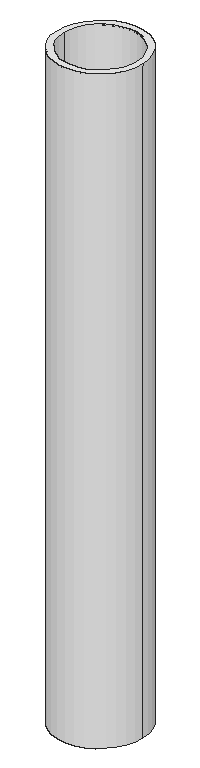
Revit family "CCV - Cortes circulares vazados - Coluna (MSH)", category Pilares estruturais, Revit 2019
Family settings
  Forma do corte = Não definido
  Material para o comportamento do modelo = Aço
  Exportar sempre como geometria = Não
  Redução da viga na planta = Da geometria
  Corte com vazios quando carregada = Não
  Representação simbólica = Das configurações de projeto
  Compartilhado = Não
  Exibir o pré-corte da família na vista da planta = Sim
Parameters (values of type "CHS 355.6x25.4")
  t = 25.4 mm
  r2 = d0 / 2 - t  # 152.4 mm
  r1 = d0 / 2  # 177.8 mm
  d0 = 355.6 mm
  W = 0.207
  Structural Material [instance] = Metal - Aço - 250 MPa
  A = 0.0263 m²
Reference planes
  plane 1 "Centro (Frente/Trás)": y = 0
  plane 2: z = 0
  plane 3 "Centro (Esquerda/Direita)": x = 0
  plane 4 "Esquerda": x = -177.8
  plane 5 "Direita": x = 177.8
  plane 6 "Parte posterior": y = 177.8
  plane 7 "Parte frontal": y = -177.8
Forms (mm)
  Extrusion 1, solid, material "Metal - Aço - 250 MPa" <- "Structural Material", detail levels medium+fine
    sketch origin (0, 0, 0) x (1, 0, 0) y (0, 1, 0)
      loop
        circle (0, 0) r 177.8
      loop
        circle (0, 0) r 152.4
    from 0 to 2500
Lines and regions (mm)
  symbolic lines, style "StructuralColumnStickSymbols", detail levels coarse
    curve 1: arc (-177.8, 0, 0) -> (0, 177.8, 0) -> (177.8, 0, 0) r 177.8
    curve 2: arc (-177.8, 0, 0) -> (0, -177.8, 0) -> (177.8, 0, 0) r 177.8
Dimensions and locks
  equal spacing: plane 4 "Esquerda", plane 3 "Centro (Esquerda/Direita)", plane 5 "Direita"
  equal spacing: plane 7 "Parte frontal", plane 1 "Centro (Frente/Trás)", plane 6 "Parte posterior"
  "d0": plane 4 "Esquerda" to plane 5 "Direita"
  "d0": plane 7 "Parte frontal" to plane 6 "Parte posterior"
  "r1": radius of Extrusion 1 sketch curve
  "r1": radius of curve 1
  "r2": radius of Extrusion 1 sketch curve
  aligned and locked: level to plane 2
  aligned and locked: plane 1 "Centro (Frente/Trás)" to Extrusion 1 sketch curve  (x2)
  aligned and locked: plane 3 "Centro (Esquerda/Direita)" to Extrusion 1 sketch curve  (x2)
  aligned and locked: level to Extrusion 1
  aligned and locked: Extrusion 1 to level
  aligned and locked: plane 1 "Centro (Frente/Trás)" to curve 1
  aligned and locked: plane 3 "Centro (Esquerda/Direita)" to curve 1
Types in the file's own list only (292): name | t | r2 | r1 | d0 | W | A
  CHS 21.3x2.3 | 2 mm | 8 mm | 11 mm | 21 mm | 0.00108 | 0.00 m²
  CHS 21.3x2.6 | 3 mm | 8 mm | 11 mm | 21 mm | 0.0012 | 0.00 m²
  CHS 21.3x2.9 | 3 mm | 8 mm | 11 mm | 21 mm | 0.00132 | 0.00 m²
  CHS 21.3x3.2 | 3 mm | 7 mm | 11 mm | 21 mm | 0.00143 | 0.00 m²
  CHS 21.3x3.6 | 4 mm | 7 mm | 11 mm | 21 mm | 0.00157 | 0.00 m²
  CHS 21.3x4.0 | 4 mm | 7 mm | 11 mm | 21 mm | 0.00171 | 0.00 m²
  CHS 21.3x4.5 | 5 mm | 6 mm | 11 mm | 21 mm | 0.00186 | 0.00 m²
  CHS 21.3x5.0 | 5 mm | 6 mm | 11 mm | 21 mm | 0.00201 | 0.00 m²
  CHS 33.7x2.9 | 3 mm | 14 mm | 17 mm | 34 mm | 0.0022 | 0.00 m²
  CHS 33.7x3.2 | 3 mm | 14 mm | 17 mm | 34 mm | 0.00241 | 0.00 m²
  CHS 33.7x3.6 | 4 mm | 13 mm | 17 mm | 34 mm | 0.00267 | 0.00 m²
  CHS 33.7x4.0 | 4 mm | 13 mm | 17 mm | 34 mm | 0.00293 | 0.00 m²
  CHS 33.7x4.5 | 5 mm | 12 mm | 17 mm | 34 mm | 0.00324 | 0.00 m²
  CHS 33.7x5.0 | 5 mm | 12 mm | 17 mm | 34 mm | 0.00354 | 0.00 m²
  CHS 33.7x5.6 | 6 mm | 11 mm | 17 mm | 34 mm | 0.00388 | 0.00 m²
  CHS 33.7x6.3 | 6 mm | 11 mm | 17 mm | 34 mm | 0.00426 | 0.00 m²
  CHS 33.7x7.1 | 7 mm | 10 mm | 17 mm | 34 mm | 0.00466 | 0.00 m²
  CHS 33.7x8.0 | 8 mm | 9 mm | 17 mm | 34 mm | 0.00507 | 0.00 m²
  CHS 42.4x2.9 | 3 mm | 18 mm | 21 mm | 42 mm | 0.00282 | 0.00 m²
  CHS 42.4x3.2 | 3 mm | 18 mm | 21 mm | 42 mm | 0.00309 | 0.00 m²
  CHS 42.4x3.6 | 4 mm | 18 mm | 21 mm | 42 mm | 0.00344 | 0.00 m²
  CHS 42.4x4.0 | 4 mm | 17 mm | 21 mm | 42 mm | 0.00379 | 0.00 m²
  CHS 42.4x4.5 | 5 mm | 17 mm | 21 mm | 42 mm | 0.00421 | 0.00 m²
  CHS 42.4x5.0 | 5 mm | 16 mm | 21 mm | 42 mm | 0.00461 | 0.00 m²
  CHS 42.4x5.6 | 6 mm | 16 mm | 21 mm | 42 mm | 0.00508 | 0.00 m²
  CHS 42.4x6.3 | 6 mm | 15 mm | 21 mm | 42 mm | 0.00561 | 0.00 m²
  CHS 42.4x7.1 | 7 mm | 14 mm | 21 mm | 42 mm | 0.00618 | 0.00 m²
  CHS 42.4x8.0 | 8 mm | 13 mm | 21 mm | 42 mm | 0.00679 | 0.00 m²
  CHS 42.4x8.8 | 9 mm | 12 mm | 21 mm | 42 mm | 0.00729 | 0.00 m²
  CHS 42.4x10.0 | 10 mm | 11 mm | 21 mm | 42 mm | 0.00799 | 0.00 m²
  CHS 48.3x2.9 | 3 mm | 21 mm | 24 mm | 48 mm | 0.00325 | 0.00 m²
  CHS 48.3x3.2 | 3 mm | 21 mm | 24 mm | 48 mm | 0.00356 | 0.00 m²
  CHS 48.3x3.6 | 4 mm | 21 mm | 24 mm | 48 mm | 0.00397 | 0.00 m²
  CHS 48.3x4.0 | 4 mm | 20 mm | 24 mm | 48 mm | 0.00437 | 0.00 m²
  CHS 48.3x4.5 | 5 mm | 20 mm | 24 mm | 48 mm | 0.00486 | 0.00 m²
  CHS 48.3x5.0 | 5 mm | 19 mm | 24 mm | 48 mm | 0.00534 | 0.00 m²
  CHS 48.3x5.6 | 6 mm | 19 mm | 24 mm | 48 mm | 0.0059 | 0.00 m²
  CHS 48.3x6.3 | 6 mm | 18 mm | 24 mm | 48 mm | 0.00653 | 0.00 m²
  CHS 48.3x7.1 | 7 mm | 17 mm | 24 mm | 48 mm | 0.00721 | 0.00 m²
  CHS 48.3x8.0 | 8 mm | 16 mm | 24 mm | 48 mm | 0.00795 | 0.00 m²
  CHS 48.3x8.8 | 9 mm | 15 mm | 24 mm | 48 mm | 0.00857 | 0.00 m²
  CHS 48.3x10.0 | 10 mm | 14 mm | 24 mm | 48 mm | 0.00945 | 0.00 m²
  CHS 48.3x12.5 | 13 mm | 12 mm | 24 mm | 48 mm | 0.011 | 0.00 m²
  CHS 60.3x3.2 | 3 mm | 27 mm | 30 mm | 60 mm | 0.00451 | 0.00 m²
  CHS 60.3x3.6 | 4 mm | 27 mm | 30 mm | 60 mm | 0.00503 | 0.00 m²
  CHS 60.3x4.0 | 4 mm | 26 mm | 30 mm | 60 mm | 0.00555 | 0.00 m²
  CHS 60.3x4.5 | 5 mm | 26 mm | 30 mm | 60 mm | 0.00619 | 0.00 m²
  CHS 60.3x5.0 | 5 mm | 25 mm | 30 mm | 60 mm | 0.00682 | 0.00 m²
  CHS 60.3x5.6 | 6 mm | 25 mm | 30 mm | 60 mm | 0.00755 | 0.00 m²
  CHS 60.3x6.3 | 6 mm | 24 mm | 30 mm | 60 mm | 0.00839 | 0.00 m²
  CHS 60.3x7.1 | 7 mm | 23 mm | 30 mm | 60 mm | 0.00932 | 0.00 m²
  CHS 60.3x8.0 | 8 mm | 22 mm | 30 mm | 60 mm | 0.0103 | 0.00 m²
  CHS 60.3x8.8 | 9 mm | 21 mm | 30 mm | 60 mm | 0.0112 | 0.00 m²
  CHS 60.3x10.0 | 10 mm | 20 mm | 30 mm | 60 mm | 0.0124 | 0.00 m²
  CHS 60.3x12.5 | 13 mm | 18 mm | 30 mm | 60 mm | 0.0147 | 0.00 m²
  CHS 60.3x16.0 | 16 mm | 14 mm | 30 mm | 60 mm | 0.0175 | 0.00 m²
  CHS 76.1x3.2 | 3 mm | 35 mm | 38 mm | 76 mm | 0.00575 | 0.00 m²
  CHS 76.1x3.6 | 4 mm | 34 mm | 38 mm | 76 mm | 0.00644 | 0.00 m²
  CHS 76.1x4.0 | 4 mm | 34 mm | 38 mm | 76 mm | 0.00711 | 0.00 m²
  CHS 76.1x4.5 | 5 mm | 34 mm | 38 mm | 76 mm | 0.00795 | 0.00 m²
  CHS 76.1x5.0 | 5 mm | 33 mm | 38 mm | 76 mm | 0.00877 | 0.00 m²
  CHS 76.1x5.6 | 6 mm | 32 mm | 38 mm | 76 mm | 0.00974 | 0.00 m²
  CHS 76.1x6.3 | 6 mm | 32 mm | 38 mm | 76 mm | 0.0108 | 0.00 m²
  CHS 76.1x7.1 | 7 mm | 31 mm | 38 mm | 76 mm | 0.0121 | 0.00 m²
  CHS 76.1x8.0 | 8 mm | 30 mm | 38 mm | 76 mm | 0.0134 | 0.00 m²
  CHS 76.1x8.8 | 9 mm | 29 mm | 38 mm | 76 mm | 0.0146 | 0.00 m²
  CHS 76.1x10.0 | 10 mm | 28 mm | 38 mm | 76 mm | 0.0163 | 0.00 m²
  CHS 76.1x12.5 | 13 mm | 26 mm | 38 mm | 76 mm | 0.0196 | 0.00 m²
  CHS 76.1x16.0 | 16 mm | 22 mm | 38 mm | 76 mm | 0.0237 | 0.00 m²
  CHS 76.1x20.0 | 20 mm | 18 mm | 38 mm | 76 mm | 0.0277 | 0.00 m²
  CHS 88.9x3.6 | 4 mm | 41 mm | 44 mm | 89 mm | 0.00751 | 0.00 m²
  CHS 88.9x4.0 | 4 mm | 40 mm | 44 mm | 89 mm | 0.00838 | 0.00 m²
  CHS 88.9x4.5 | 5 mm | 40 mm | 44 mm | 89 mm | 0.00937 | 0.00 m²
  CHS 88.9x5.0 | 5 mm | 39 mm | 44 mm | 89 mm | 0.0103 | 0.00 m²
  CHS 88.9x5.6 | 6 mm | 39 mm | 44 mm | 89 mm | 0.0115 | 0.00 m²
  CHS 88.9x6.3 | 6 mm | 38 mm | 44 mm | 89 mm | 0.0128 | 0.00 m²
  CHS 88.9x7.1 | 7 mm | 37 mm | 44 mm | 89 mm | 0.0143 | 0.00 m²
  CHS 88.9x8.0 | 8 mm | 36 mm | 44 mm | 89 mm | 0.016 | 0.00 m²
  CHS 88.9x8.8 | 9 mm | 36 mm | 44 mm | 89 mm | 0.0174 | 0.00 m²
  CHS 88.9x10.0 | 10 mm | 34 mm | 44 mm | 89 mm | 0.0195 | 0.00 m²
  CHS 88.9x12.5 | 13 mm | 32 mm | 44 mm | 89 mm | 0.0236 | 0.00 m²
  CHS 88.9x16.0 | 16 mm | 28 mm | 44 mm | 89 mm | 0.0288 | 0.00 m²
  CHS 88.9x20.0 | 20 mm | 24 mm | 44 mm | 89 mm | 0.034 | 0.00 m²
  CHS 101.6x4.0 | 4 mm | 47 mm | 51 mm | 102 mm | 0.00963 | 0.00 m²
  CHS 101.6x4.5 | 5 mm | 46 mm | 51 mm | 102 mm | 0.0108 | 0.00 m²
  CHS 101.6x5.0 | 5 mm | 46 mm | 51 mm | 102 mm | 0.0119 | 0.00 m²
  CHS 101.6x5.6 | 6 mm | 45 mm | 51 mm | 102 mm | 0.0133 | 0.00 m²
  CHS 101.6x6.3 | 6 mm | 45 mm | 51 mm | 102 mm | 0.0148 | 0.00 m²
  CHS 101.6x7.1 | 7 mm | 44 mm | 51 mm | 102 mm | 0.0165 | 0.00 m²
  CHS 101.6x8.0 | 8 mm | 43 mm | 51 mm | 102 mm | 0.0185 | 0.00 m²
  CHS 101.6x8.8 | 9 mm | 42 mm | 51 mm | 102 mm | 0.0201 | 0.00 m²
  CHS 101.6x10.0 | 10 mm | 41 mm | 51 mm | 102 mm | 0.0226 | 0.00 m²
  CHS 101.6x12.5 | 13 mm | 38 mm | 51 mm | 102 mm | 0.0275 | 0.00 m²
  CHS 101.6x16.0 | 16 mm | 35 mm | 51 mm | 102 mm | 0.0338 | 0.00 m²
  CHS 101.6x20.0 | 20 mm | 31 mm | 51 mm | 102 mm | 0.0402 | 0.01 m²
  CHS 101.6x30.0 | 30 mm | 21 mm | 51 mm | 102 mm | 0.053 | 0.01 m²
  CHS 114.3x4.0 | 4 mm | 53 mm | 57 mm | 114 mm | 0.0109 | 0.00 m²
  CHS 114.3x4.5 | 5 mm | 53 mm | 57 mm | 114 mm | 0.0122 | 0.00 m²
  CHS 114.3x5.0 | 5 mm | 52 mm | 57 mm | 114 mm | 0.0135 | 0.00 m²
  CHS 114.3x5.6 | 6 mm | 52 mm | 57 mm | 114 mm | 0.015 | 0.00 m²
  CHS 114.3x6.3 | 6 mm | 51 mm | 57 mm | 114 mm | 0.0168 | 0.00 m²
  CHS 114.3x7.1 | 7 mm | 50 mm | 57 mm | 114 mm | 0.0188 | 0.00 m²
  CHS 114.3x8.0 | 8 mm | 49 mm | 57 mm | 114 mm | 0.021 | 0.00 m²
  CHS 114.3x8.8 | 9 mm | 48 mm | 57 mm | 114 mm | 0.0229 | 0.00 m²
  CHS 114.3x10.0 | 10 mm | 47 mm | 57 mm | 114 mm | 0.0257 | 0.00 m²
  CHS 114.3x12.5 | 13 mm | 45 mm | 57 mm | 114 mm | 0.0314 | 0.00 m²
  CHS 114.3x16.0 | 16 mm | 41 mm | 57 mm | 114 mm | 0.0388 | 0.00 m²
  CHS 114.3x20.0 | 20 mm | 37 mm | 57 mm | 114 mm | 0.0465 | 0.01 m²
  CHS 114.3x30.0 | 30 mm | 27 mm | 57 mm | 114 mm | 0.0624 | 0.01 m²
  CHS 139.7x4.5 | 5 mm | 65 mm | 70 mm | 140 mm | 0.015 | 0.00 m²
  CHS 139.7x5.0 | 5 mm | 65 mm | 70 mm | 140 mm | 0.0166 | 0.00 m²
  CHS 139.7x5.6 | 6 mm | 64 mm | 70 mm | 140 mm | 0.0185 | 0.00 m²
  CHS 139.7x6.3 | 6 mm | 64 mm | 70 mm | 140 mm | 0.0207 | 0.00 m²
  CHS 139.7x7.1 | 7 mm | 63 mm | 70 mm | 140 mm | 0.0232 | 0.00 m²
  CHS 139.7x8.0 | 8 mm | 62 mm | 70 mm | 140 mm | 0.026 | 0.00 m²
  CHS 139.7x8.8 | 9 mm | 61 mm | 70 mm | 140 mm | 0.0284 | 0.00 m²
  CHS 139.7x10.0 | 10 mm | 60 mm | 70 mm | 140 mm | 0.032 | 0.00 m²
  CHS 139.7x12.5 | 13 mm | 57 mm | 70 mm | 140 mm | 0.0392 | 0.00 m²
  CHS 139.7x16.0 | 16 mm | 54 mm | 70 mm | 140 mm | 0.0488 | 0.01 m²
  CHS 139.7x20.0 | 20 mm | 50 mm | 70 mm | 140 mm | 0.059 | 0.01 m²
  CHS 139.7x30.0 | 30 mm | 40 mm | 70 mm | 140 mm | 0.0812 | 0.01 m²
  CHS 139.7x40.0 | 40 mm | 30 mm | 70 mm | 140 mm | 0.0984 | 0.01 m²
  CHS 168.3x5.0 | 5 mm | 79 mm | 84 mm | 168 mm | 0.0201 | 0.00 m²
  CHS 168.3x5.6 | 6 mm | 79 mm | 84 mm | 168 mm | 0.0225 | 0.00 m²
  CHS 168.3x6.3 | 6 mm | 78 mm | 84 mm | 168 mm | 0.0252 | 0.00 m²
  CHS 168.3x7.1 | 7 mm | 77 mm | 84 mm | 168 mm | 0.0282 | 0.00 m²
  CHS 168.3x8.0 | 8 mm | 76 mm | 84 mm | 168 mm | 0.0316 | 0.00 m²
  CHS 168.3x8.8 | 9 mm | 75 mm | 84 mm | 168 mm | 0.0346 | 0.00 m²
  CHS 168.3x10.0 | 10 mm | 74 mm | 84 mm | 168 mm | 0.039 | 0.00 m²
  CHS 168.3x12.5 | 13 mm | 72 mm | 84 mm | 168 mm | 0.048 | 0.01 m²
  CHS 168.3x16.0 | 16 mm | 68 mm | 84 mm | 168 mm | 0.0601 | 0.01 m²
  CHS 168.3x20.0 | 20 mm | 64 mm | 84 mm | 168 mm | 0.0731 | 0.01 m²
  CHS 168.3x30.0 | 30 mm | 54 mm | 84 mm | 168 mm | 0.102 | 0.01 m²
  CHS 168.3x40.0 | 40 mm | 44 mm | 84 mm | 168 mm | 0.127 | 0.02 m²
  CHS 168.3x60.0 | 60 mm | 24 mm | 84 mm | 168 mm | 0.16 | 0.02 m²
  CHS 177.8x5.6 | 6 mm | 83 mm | 89 mm | 178 mm | 0.0238 | 0.00 m²
  CHS 177.8x6.3 | 6 mm | 83 mm | 89 mm | 178 mm | 0.0266 | 0.00 m²
  CHS 177.8x7.1 | 7 mm | 82 mm | 89 mm | 178 mm | 0.0299 | 0.00 m²
  CHS 177.8x8.0 | 8 mm | 81 mm | 89 mm | 178 mm | 0.0335 | 0.00 m²
  CHS 177.8x8.8 | 9 mm | 80 mm | 89 mm | 178 mm | 0.0367 | 0.00 m²
  CHS 177.8x10.0 | 10 mm | 79 mm | 89 mm | 178 mm | 0.0414 | 0.01 m²
  CHS 177.8x12.5 | 13 mm | 76 mm | 89 mm | 178 mm | 0.051 | 0.01 m²
  CHS 177.8x16.0 | 16 mm | 73 mm | 89 mm | 178 mm | 0.0638 | 0.01 m²
  CHS 177.8x20.0 | 20 mm | 69 mm | 89 mm | 178 mm | 0.0778 | 0.01 m²
  CHS 177.8x30.0 | 30 mm | 59 mm | 89 mm | 178 mm | 0.109 | 0.01 m²
  CHS 177.8x40.0 | 40 mm | 49 mm | 89 mm | 178 mm | 0.136 | 0.02 m²
  CHS 177.8x60.0 | 60 mm | 29 mm | 89 mm | 178 mm | 0.174 | 0.02 m²
  CHS 193.7x6.3 | 6 mm | 91 mm | 97 mm | 194 mm | 0.0291 | 0.00 m²
  CHS 193.7x7.1 | 7 mm | 90 mm | 97 mm | 194 mm | 0.0327 | 0.00 m²
  CHS 193.7x8.0 | 8 mm | 89 mm | 97 mm | 194 mm | 0.0366 | 0.00 m²
  CHS 193.7x8.8 | 9 mm | 88 mm | 97 mm | 194 mm | 0.0401 | 0.01 m²
  CHS 193.7x10.0 | 10 mm | 87 mm | 97 mm | 194 mm | 0.0453 | 0.01 m²
  CHS 193.7x12.5 | 13 mm | 84 mm | 97 mm | 194 mm | 0.0559 | 0.01 m²
  CHS 193.7x16.0 | 16 mm | 81 mm | 97 mm | 194 mm | 0.0701 | 0.01 m²
  CHS 193.7x20.0 | 20 mm | 77 mm | 97 mm | 194 mm | 0.0857 | 0.01 m²
  CHS 193.7x30.0 | 30 mm | 67 mm | 97 mm | 194 mm | 0.121 | 0.02 m²
  CHS 193.7x40.0 | 40 mm | 57 mm | 97 mm | 194 mm | 0.152 | 0.02 m²
  CHS 193.7x60.0 | 60 mm | 37 mm | 97 mm | 194 mm | 0.198 | 0.03 m²
  CHS 219.1x7.1 | 7 mm | 102 mm | 110 mm | 219 mm | 0.0371 | 0.00 m²
  CHS 219.1x8.0 | 8 mm | 102 mm | 110 mm | 219 mm | 0.0416 | 0.01 m²
  CHS 219.1x8.8 | 9 mm | 101 mm | 110 mm | 219 mm | 0.0456 | 0.01 m²
  CHS 219.1x10.0 | 10 mm | 100 mm | 110 mm | 219 mm | 0.0516 | 0.01 m²
  CHS 219.1x12.5 | 13 mm | 97 mm | 110 mm | 219 mm | 0.0637 | 0.01 m²
  CHS 219.1x16.0 | 16 mm | 94 mm | 110 mm | 219 mm | 0.0801 | 0.01 m²
  CHS 219.1x20.0 | 20 mm | 90 mm | 110 mm | 219 mm | 0.0982 | 0.01 m²
  CHS 219.1x30.0 | 30 mm | 80 mm | 110 mm | 219 mm | 0.14 | 0.02 m²
  CHS 219.1x40.0 | 40 mm | 70 mm | 110 mm | 219 mm | 0.177 | 0.02 m²
  CHS 219.1x60.0 | 60 mm | 50 mm | 110 mm | 219 mm | 0.235 | 0.03 m²
  CHS 244.5x6.3 | 6 mm | 116 mm | 122 mm | 245 mm | 0.037 | 0.00 m²
  CHS 244.5x7.1 | 7 mm | 115 mm | 122 mm | 245 mm | 0.0416 | 0.01 m²
  CHS 244.5x8.0 | 8 mm | 114 mm | 122 mm | 245 mm | 0.0467 | 0.01 m²
  CHS 244.5x8.8 | 9 mm | 113 mm | 122 mm | 245 mm | 0.0512 | 0.01 m²
  CHS 244.5x10.0 | 10 mm | 112 mm | 122 mm | 245 mm | 0.0578 | 0.01 m²
  CHS 244.5x12.5 | 13 mm | 110 mm | 122 mm | 245 mm | 0.0715 | 0.01 m²
  CHS 244.5x16.0 | 16 mm | 106 mm | 122 mm | 245 mm | 0.0902 | 0.01 m²
  CHS 244.5x20.0 | 20 mm | 102 mm | 122 mm | 245 mm | 0.111 | 0.01 m²
  CHS 244.5x30.0 | 30 mm | 92 mm | 122 mm | 245 mm | 0.159 | 0.02 m²
  CHS 244.5x40.0 | 40 mm | 82 mm | 122 mm | 245 mm | 0.202 | 0.03 m²
  CHS 244.5x60.0 | 60 mm | 62 mm | 122 mm | 245 mm | 0.273 | 0.03 m²
  CHS 273x6.3 | 6 mm | 130 mm | 137 mm | 273 mm | 0.0414 | 0.01 m²
  CHS 273x7.1 | 7 mm | 129 mm | 137 mm | 273 mm | 0.0466 | 0.01 m²
  CHS 273x8.0 | 8 mm | 129 mm | 137 mm | 273 mm | 0.0523 | 0.01 m²
  CHS 273x8.8 | 9 mm | 128 mm | 137 mm | 273 mm | 0.0573 | 0.01 m²
  CHS 273x10.0 | 10 mm | 127 mm | 137 mm | 273 mm | 0.0649 | 0.01 m²
  CHS 273x12.5 | 13 mm | 124 mm | 137 mm | 273 mm | 0.0803 | 0.01 m²
  CHS 273x16.0 | 16 mm | 121 mm | 137 mm | 273 mm | 0.101 | 0.01 m²
  CHS 273x20.0 | 20 mm | 117 mm | 137 mm | 273 mm | 0.125 | 0.02 m²
  CHS 273x30.0 | 30 mm | 107 mm | 137 mm | 273 mm | 0.18 | 0.02 m²
  CHS 273x40.0 | 40 mm | 97 mm | 137 mm | 273 mm | 0.23 | 0.03 m²
  CHS 273x60.0 | 60 mm | 77 mm | 137 mm | 273 mm | 0.315 | 0.04 m²
  CHS 273x80.0 | 80 mm | 57 mm | 137 mm | 273 mm | 0.381 | 0.05 m²
  CHS 273x100.0 | 100 mm | 37 mm | 137 mm | 273 mm | 0.427 | 0.05 m²
  CHS 323.9x4.5 | 5 mm | 157 mm | 162 mm | 324 mm | 0.0354 | 0.00 m²
  CHS 323.9x5.0 | 5 mm | 157 mm | 162 mm | 324 mm | 0.0399 | 0.01 m²
  CHS 323.9x5.6 | 6 mm | 156 mm | 162 mm | 324 mm | 0.044 | 0.01 m²
  CHS 323.9x6.3 | 6 mm | 156 mm | 162 mm | 324 mm | 0.0493 | 0.01 m²
  CHS 323.9x7.1 | 7 mm | 155 mm | 162 mm | 324 mm | 0.0555 | 0.01 m²
  CHS 323.9x8.0 | 8 mm | 154 mm | 162 mm | 324 mm | 0.0623 | 0.01 m²
  CHS 323.9x8.8 | 9 mm | 153 mm | 162 mm | 324 mm | 0.0684 | 0.01 m²
  CHS 323.9x10.0 | 10 mm | 152 mm | 162 mm | 324 mm | 0.0774 | 0.01 m²
  CHS 323.9x12.5 | 13 mm | 149 mm | 162 mm | 324 mm | 0.096 | 0.01 m²
  CHS 323.9x16.0 | 16 mm | 146 mm | 162 mm | 324 mm | 0.121 | 0.02 m²
  CHS 323.9x20.0 | 20 mm | 142 mm | 162 mm | 324 mm | 0.15 | 0.02 m²
  CHS 323.9x30.0 | 30 mm | 132 mm | 162 mm | 324 mm | 0.217 | 0.03 m²
  CHS 323.9x40.0 | 40 mm | 122 mm | 162 mm | 324 mm | 0.28 | 0.04 m²
  CHS 323.9x60.0 | 60 mm | 102 mm | 162 mm | 324 mm | 0.39 | 0.05 m²
  CHS 323.9x80.0 | 80 mm | 82 mm | 162 mm | 324 mm | 0.481 | 0.06 m²
  CHS 323.9x100.0 | 100 mm | 62 mm | 162 mm | 324 mm | 0.552 | 0.07 m²
  CHS 355.6x4.5 | 5 mm | 173 mm | 178 mm | 356 mm | 0.039 | 0.00 m²
  CHS 355.6x5.0 | 5 mm | 173 mm | 178 mm | 356 mm | 0.0432 | 0.01 m²
  CHS 355.6x5.6 | 6 mm | 172 mm | 178 mm | 356 mm | 0.0483 | 0.01 m²
  CHS 355.6x6.3 | 6 mm | 172 mm | 178 mm | 356 mm | 0.0543 | 0.01 m²
  CHS 355.6x7.1 | 7 mm | 171 mm | 178 mm | 356 mm | 0.061 | 0.01 m²
  CHS 355.6x8.0 | 8 mm | 170 mm | 178 mm | 356 mm | 0.0386 | 0.00 m²
  CHS 355.6x8.8 | 9 mm | 169 mm | 178 mm | 356 mm | 0.0753 | 0.01 m²
  CHS 355.6x10.0 | 10 mm | 168 mm | 178 mm | 356 mm | 0.0852 | 0.01 m²
  CHS 355.6x12.5 | 13 mm | 165 mm | 178 mm | 356 mm | 0.106 | 0.01 m²
  CHS 355.6x16.0 | 16 mm | 162 mm | 178 mm | 356 mm | 0.134 | 0.02 m²
  CHS 355.6x20.0 | 20 mm | 158 mm | 178 mm | 356 mm | 0.166 | 0.02 m²
  CHS 355.6x30.0 | 30 mm | 148 mm | 178 mm | 356 mm | 0.241 | 0.03 m²
  CHS 355.6x40.0 | 40 mm | 138 mm | 178 mm | 356 mm | 0.311 | 0.04 m²
  CHS 355.6x60.0 | 60 mm | 118 mm | 178 mm | 356 mm | 0.437 | 0.06 m²
  CHS 355.6x80.0 | 80 mm | 98 mm | 178 mm | 356 mm | 0.544 | 0.07 m²
  CHS 355.6x100.0 | 100 mm | 78 mm | 178 mm | 356 mm | 0.63 | 0.08 m²
  CHS 406.4x5.0 | 5 mm | 198 mm | 203 mm | 406 mm | 0.0495 | 0.01 m²
  CHS 406.4x5.6 | 6 mm | 198 mm | 203 mm | 406 mm | 0.0554 | 0.01 m²
  CHS 406.4x6.3 | 6 mm | 197 mm | 203 mm | 406 mm | 0.0622 | 0.01 m²
  CHS 406.4x7.1 | 7 mm | 196 mm | 203 mm | 406 mm | 0.0699 | 0.01 m²
  CHS 406.4x8.0 | 8 mm | 195 mm | 203 mm | 406 mm | 0.0786 | 0.01 m²
  CHS 406.4x8.8 | 9 mm | 194 mm | 203 mm | 406 mm | 0.0863 | 0.01 m²
  CHS 406.4x10.0 | 10 mm | 193 mm | 203 mm | 406 mm | 0.0978 | 0.01 m²
  CHS 406.4x12.5 | 13 mm | 191 mm | 203 mm | 406 mm | 0.121 | 0.02 m²
  CHS 406.4x16.0 | 16 mm | 187 mm | 203 mm | 406 mm | 0.154 | 0.02 m²
  CHS 406.4x20.0 | 20 mm | 183 mm | 203 mm | 406 mm | 0.191 | 0.02 m²
  CHS 406.4x30.0 | 30 mm | 173 mm | 203 mm | 406 mm | 0.278 | 0.04 m²
  CHS 406.4x40.0 | 40 mm | 163 mm | 203 mm | 406 mm | 0.361 | 0.05 m²
  CHS 406.4x60.0 | 60 mm | 143 mm | 203 mm | 406 mm | 0.513 | 0.07 m²
  CHS 406.4x80.0 | 80 mm | 123 mm | 203 mm | 406 mm | 0.644 | 0.08 m²
  CHS 406.4x100.0 | 100 mm | 103 mm | 203 mm | 406 mm | 0.756 | 0.10 m²
  CHS 457x5.0 | 5 mm | 224 mm | 229 mm | 457 mm | 0.0557 | 0.01 m²
  CHS 457x5.6 | 6 mm | 223 mm | 229 mm | 457 mm | 0.0623 | 0.01 m²
  CHS 457x6.3 | 6 mm | 222 mm | 229 mm | 457 mm | 0.07 | 0.01 m²
  CHS 457x7.1 | 7 mm | 221 mm | 229 mm | 457 mm | 0.0788 | 0.01 m²
  CHS 457x8.0 | 8 mm | 221 mm | 229 mm | 457 mm | 0.0886 | 0.01 m²
  CHS 457x8.8 | 9 mm | 220 mm | 229 mm | 457 mm | 0.0973 | 0.01 m²
  CHS 457x10.0 | 10 mm | 219 mm | 229 mm | 457 mm | 0.11 | 0.01 m²
  CHS 457x12.5 | 13 mm | 216 mm | 229 mm | 457 mm | 0.137 | 0.02 m²
  CHS 457x16.0 | 16 mm | 213 mm | 229 mm | 457 mm | 0.174 | 0.02 m²
  CHS 457x20.0 | 20 mm | 209 mm | 229 mm | 457 mm | 0.216 | 0.03 m²
  CHS 457x30.0 | 30 mm | 199 mm | 229 mm | 457 mm | 0.316 | 0.04 m²
  CHS 457x40.0 | 40 mm | 189 mm | 229 mm | 457 mm | 0.411 | 0.05 m²
  CHS 457x60.0 | 60 mm | 169 mm | 229 mm | 457 mm | 0.587 | 0.07 m²
  CHS 457x80.0 | 80 mm | 149 mm | 229 mm | 457 mm | 0.744 | 0.09 m²
  CHS 457x100.0 | 100 mm | 129 mm | 229 mm | 457 mm | 0.88 | 0.11 m²
  CHS 508x6.3 | 6 mm | 248 mm | 254 mm | 508 mm | 0.0779 | 0.01 m²
  CHS 508x7.1 | 7 mm | 247 mm | 254 mm | 508 mm | 0.0877 | 0.01 m²
  CHS 508x8.0 | 8 mm | 246 mm | 254 mm | 508 mm | 0.0986 | 0.01 m²
  CHS 508x8.8 | 9 mm | 245 mm | 254 mm | 508 mm | 0.108 | 0.01 m²
  CHS 508x10.0 | 10 mm | 244 mm | 254 mm | 508 mm | 0.123 | 0.02 m²
  CHS 508x12.5 | 13 mm | 242 mm | 254 mm | 508 mm | 0.153 | 0.02 m²
  CHS 508x16.0 | 16 mm | 238 mm | 254 mm | 508 mm | 0.194 | 0.02 m²
  CHS 508x20.0 | 20 mm | 234 mm | 254 mm | 508 mm | 0.241 | 0.03 m²
  CHS 508x30.0 | 30 mm | 224 mm | 254 mm | 508 mm | 0.354 | 0.05 m²
  CHS 508x40.0 | 40 mm | 214 mm | 254 mm | 508 mm | 0.462 | 0.06 m²
  CHS 508x60.0 | 60 mm | 194 mm | 254 mm | 508 mm | 0.663 | 0.08 m²
  CHS 508x80.0 | 80 mm | 174 mm | 254 mm | 508 mm | 0.844 | 0.11 m²
  CHS 508x100.0 | 100 mm | 154 mm | 254 mm | 508 mm | 1.01 | 0.13 m²
  CHS 559x16.0 | 16 mm | 264 mm | 280 mm | 559 mm | 0.214 | 0.03 m²
  CHS 559x20.0 | 20 mm | 260 mm | 280 mm | 559 mm | 0.266 | 0.03 m²
  CHS 559x30.0 | 30 mm | 250 mm | 280 mm | 559 mm | 0.391 | 0.05 m²
  CHS 559x40.0 | 40 mm | 240 mm | 280 mm | 559 mm | 0.512 | 0.07 m²
  CHS 559x60.0 | 60 mm | 220 mm | 280 mm | 559 mm | 0.738 | 0.09 m²
  CHS 559x80.0 | 80 mm | 200 mm | 280 mm | 559 mm | 0.945 | 0.12 m²
  CHS 559x100.0 | 100 mm | 180 mm | 280 mm | 559 mm | 1.13 | 0.14 m²
  CHS 610x16.0 | 16 mm | 289 mm | 305 mm | 610 mm | 0.234 | 0.03 m²
  CHS 610x20.0 | 20 mm | 285 mm | 305 mm | 610 mm | 0.291 | 0.04 m²
  CHS 610x30.0 | 30 mm | 275 mm | 305 mm | 610 mm | 0.429 | 0.05 m²
  CHS 610x40.0 | 40 mm | 265 mm | 305 mm | 610 mm | 0.562 | 0.07 m²
  CHS 610x60.0 | 60 mm | 245 mm | 305 mm | 610 mm | 0.814 | 0.10 m²
  CHS 610x80.0 | 80 mm | 225 mm | 305 mm | 610 mm | 1.05 | 0.13 m²
  CHS 610x100.0 | 100 mm | 205 mm | 305 mm | 610 mm | 1.26 | 0.16 m²
  CHS 660x20.0 | 20 mm | 285 mm | 305 mm | 610 mm | 0.316 | 0.04 m²
  CHS 660x30.0 | 30 mm | 275 mm | 305 mm | 610 mm | 0.466 | 0.06 m²
  CHS 660x40.0 | 40 mm | 265 mm | 305 mm | 610 mm | 0.612 | 0.08 m²
  CHS 660x60.0 | 60 mm | 245 mm | 305 mm | 610 mm | 0.888 | 0.11 m²
  CHS 660x80.0 | 80 mm | 225 mm | 305 mm | 610 mm | 1.14 | 0.15 m²
  CHS 660x100.0 | 100 mm | 205 mm | 305 mm | 610 mm | 1.38 | 0.18 m²
  CHS 711x30.0 | 30 mm | 326 mm | 356 mm | 711 mm | 0.504 | 0.06 m²
  CHS 711x40.0 | 40 mm | 316 mm | 356 mm | 711 mm | 0.662 | 0.08 m²
  CHS 711x60.0 | 60 mm | 296 mm | 356 mm | 711 mm | 0.963 | 0.12 m²
  CHS 711x80.0 | 80 mm | 276 mm | 356 mm | 711 mm | 1.24 | 0.16 m²
  CHS 711x100.0 | 100 mm | 256 mm | 356 mm | 711 mm | 1.51 | 0.19 m²
